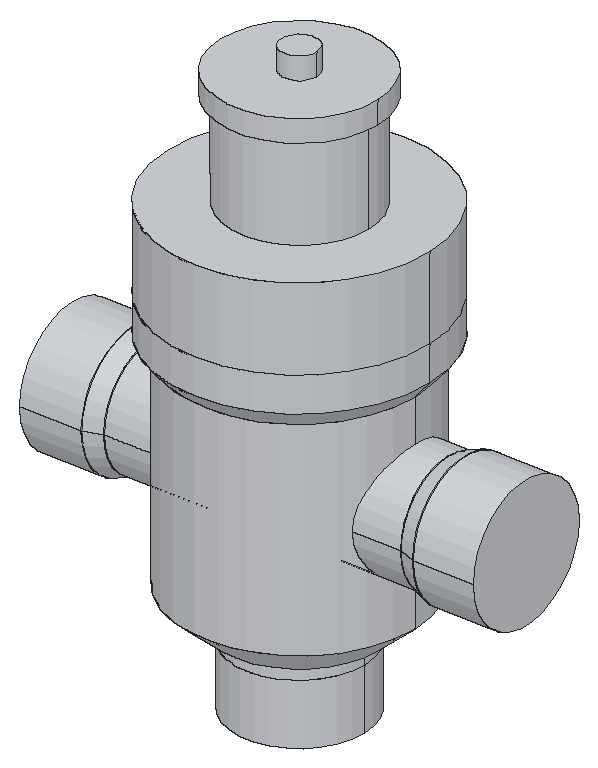
Revit family "VMX13P_DN15_PN16_RFA_2018", category Pipe Accessories, Revit 2018
Family settings
  Round Connector Dimension = Use Diameter
  Part Type = Valve - Breaks Into
  Work Plane-Based = No
  Always vertical = Yes
  Cut with Voids When Loaded = No
  Shared = No
Parameters (values of type "VMX13P G1/2  PN16 kvs1,6")
  magiProductId = ""
  magiProductFamilyId = ""
  magiPartTypeId = 320
  isMeasuringValve [instance] = no
  ang2D [instance] = 0.00°
  Z9 = 7 mm
  Z8 = 4 mm
  Z7__ve = -Z7  # -2.5 mm
  Z7 = 2.5 mm
  Z6 = 8.775 mm
  Z5 = 9.45 mm
  Z3 = 2 mm
  Z2 = 5 mm
  Z1 = 3.75 mm
  X4__ve = -X4  # -7 mm
  X4 = 7 mm
  X3 = 34 mm
  X1 = 5.2 mm
  W2D = 15 mm
  VersionID = ""
  Use Minimum Symbol Size [instance] = no
  URL = "www.hydronix.cz"
  Type Comments = "Závitový, vnější závit, ploché těsnění; LIN charakteristika; PN16; +5~+95°C; max.rychlost proudění 3,0 m/s"
  TL = 52 mm
  R9 = 9 mm
  R8 = 2 mm
  R7 = 15 mm
  R6 = 9 mm
  R5 = 10.214 mm
  R4 = 8.512 mm
  R3 = 7.5 mm
  R2 = 13.3 mm
  R10 = 8 mm
  R1 = 6.75 mm
  QmdConnectorList = "301;D;302;D;303;D"
  Productdata [instance] = ""
  Manufacturer = "Hydronix"
  MT = 1
  MC Product Code = "VMX13P (G1/2\"; dpmax=250kPa; kvs 1,6)"
  MC = yes
  LT2 = 19 mm
  L2D_Min = 30.48 mm
  L2D = 38 mm
  L = 38 mm
  H1 = 23.8 mm
  H = 27 mm
  E = 16 mm
  Description = "3 cestný regulační ventil malých spotřebičů, DN15; zdvih 2,5mm; max dp 250kPa; kvs1,6"
  DT2 = 7.5 mm
  D = 15 mm
  CS = no
  CAT0 = yes
  CAT = no
  C = 25 mm
  Assembly Code = ""
Types (8, lengths in mm): name | Z9 | Z6 | Z5 | Z2 | Z1 | X3 | X1 | W2D | TL | R6 | R5 | R4 | R3 | R2 | R1 | MC Product Code | LT2 | L2D | L | H1 | H | Description | DT2 | D | C
  VMX09P G1/2  PN16 kvs0,25 | 7 | 8.775 | 9.45 | 5 | 3.75 | 34 | 5.2 | 15 | 52 | 9 | 10.214 | 8.512 | 7.5 | 13.3 | 6.75 | "VMX09P (G1/2\"; dpmax=250kPa; kvs 0,25)" | 19 | 38 | 38 | 23.8 | 27 | "3 cestný regulační ventil malých spotřebičů, DN15; zdvih 2,5mm; max dp 250kPa; kvs0,25" | 7.5 | 15 | 25
  VMX10P G1/2  PN16 kvs0,4 | 7 | 8.775 | 9.45 | 5 | 3.75 | 34 | 5.2 | 15 | 52 | 9 | 10.214 | 8.512 | 7.5 | 13.3 | 6.75 | "VMX10P (G1/2\"; dpmax=250kPa; kvs 0,4)" | 19 | 38 | 38 | 23.8 | 27 | "3 cestný regulační ventil malých spotřebičů, DN15; zdvih 2,5mm; max dp 250kPa; kvs0,4" | 7.5 | 15 | 25
  VMX11P G1/2  PN16 kvs0,6 | 7 | 8.775 | 9.45 | 5 | 3.75 | 34 | 5.2 | 15 | 52 | 9 | 10.214 | 8.512 | 7.5 | 13.3 | 6.75 | "VMX11P (G1/2\"; dpmax=250kPa; kvs 0,6)" | 19 | 38 | 38 | 23.8 | 27 | "3 cestný regulační ventil malých spotřebičů, DN15; zdvih 2,5mm; max dp 250kPa; kvs0,6" | 7.5 | 15 | 25
  VMX12P G1/2  PN16 kvs1,0 | 7 | 8.775 | 9.45 | 5 | 3.75 | 34 | 5.2 | 15 | 52 | 9 | 10.214 | 8.512 | 7.5 | 13.3 | 6.75 | "VMX12P (G1/2\"; dpmax=250kPa; kvs 1,0)" | 19 | 38 | 38 | 23.8 | 27 | "3 cestný regulační ventil malých spotřebičů, DN15; zdvih 2,5mm; max dp 250kPa; kvs1,0" | 7.5 | 15 | 25
  VMX13P G1/2  PN16 kvs1,6 | 7 | 8.775 | 9.45 | 5 | 3.75 | 34 | 5.2 | 15 | 52 | 9 | 10.214 | 8.512 | 7.5 | 13.3 | 6.75 | "VMX13P (G1/2\"; dpmax=250kPa; kvs 1,6)" | 19 | 38 | 38 | 23.8 | 27 | "3 cestný regulační ventil malých spotřebičů, DN15; zdvih 2,5mm; max dp 250kPa; kvs1,6" | 7.5 | 15 | 25
  VMX21P G3/4  PN16 kvs2,5 | 8.8 | 8.45 | 9.1 | 6.8 | 5.1 | 38 | 5.6 | 20 | 56 | 12 | 11.29 | 9.408 | 10 | 14.7 | 9 | "VMX21P (G3/4\"; dpmax=150kPa; kvs 2,5)" | 21 | 42 | 42 | 29 | 26 | "3 cestný regulační ventil malých spotřebičů, DN20; zdvih 2,5mm; max dp 150kPa; kvs2,5" | 10 | 20 | 34
  VMX24P G3/4  PN16 kvs4,0 | 8.8 | 8.45 | 9.1 | 6.8 | 5.1 | 38 | 5.6 | 20 | 56 | 12 | 11.29 | 9.408 | 10 | 14.7 | 9 | "VMX24P (G3/4\";  dpmax A-AB=100kPa;  dpmax B-AB=40kPa;  kvs 4,0)" | 21 | 42 | 42 | 29 | 26 | "3 cestný regulační ventil malých spotřebičů, DN20; zdvih 2,5mm; max dp A-AB 100kPa; max dp B-AB 40kPa; kvs4,0" | 10 | 20 | 34
  VMX26P G3/4  PN16 kvs6,0 | 8.8 | 8.45 | 9.1 | 6.8 | 5.1 | 38 | 5.6 | 20 | 56 | 12 | 11.29 | 9.408 | 10 | 14.7 | 9 | "VMX26P (G3/4\";  dpmax A-AB=100kPa;  dpmax B-AB=40kPa;  kvs 6,0)" | 21 | 42 | 42 | 29 | 26 | "3 cestný regulační ventil malých spotřebičů, DN20; zdvih 2,5mm; max dp A-AB 100kPa; max dp B-AB 40kPa; kvs6,0" | 10 | 20 | 34
Reference planes
  plane 1 "Center (Front/Back)": y = 0
  plane 2 "XYPLANE": z = 0
  plane 3 "Center (Left/Right)": x = 0
  plane 4 "271": z = 38
  plane 5 "254": z = 11.55
  plane 6 "253": z = 17.55
  plane 7 "148": z = 40.5
  plane 8 "132": z = 43
  plane 9 "62": z = 13.55
  plane 10 "53": z = 27
  plane 11 "52": z = -12.25
  plane 12 "48": z = -16
  plane 13 "47": z = -18
  plane 14 "38": z = -23
  plane 15 "37": x = 17
  plane 16 "36": x = 19
  plane 17 "23": z = -25
  plane 18 "19": x = -17
  plane 19 "15": x = -19
  plane 20 "6": x = 26
  plane 21 "5": x = -26
  plane 22 "3": z = 0
  plane 23 "2": y = 0
  plane 24 "1": x = 0
Forms (mm)
  Extrusion 1, solid
    sketch origin (-750, 0, -25) x (1, 0, 0) y (0, 1, 0)
      loop
        circle (750, 0) r 7.5
    from 0 to 7 <- "Z9"
  Extrusion 2, solid, visible <- "CAT0"
    sketch origin (-750, 0, 43) x (1, 0, 0) y (0, 1, 0)
      loop
        circle (750, 0) r 2
    from 0 to -2.5 <- "Z7__ve"
  Extrusion 3, solid, visible <- "CAT0"
    sketch origin (-750, 0, 38) x (1, 0, 0) y (0, 1, 0)
      loop
        circle (750, 0) r 8
    from 0 to -19
  Extrusion 4, solid, visible <- "CAT0"
    sketch origin (-17, -750, 0) x (0, 1, 0) y (0, 0, 1)
      loop
        circle (750, 0) r 6.75
    from 0 to 34 <- "X3"
  Extrusion 5, solid
    sketch origin (-750, 0, 13.55) x (1, 0, 0) y (0, 1, 0)
      loop
        circle (750, 0) r 15
    from 0 to 4 <- "Z8"
  Extrusion 6, solid
    sketch origin (-750, 0, 40.5) x (1, 0, 0) y (0, 1, 0)
      loop
        circle (750, 0) r 9
    from 0 to -2.5 <- "Z7__ve"
  Extrusion 7, solid
    sketch origin (-750, 0, 17.55) x (1, 0, 0) y (0, 1, 0)
      loop
        circle (750, 0) r 15
    from 0 to 9.45 <- "Z5"
  Blend 8, solid
    base sketch origin (-750, 0, 11.55) x (1, 0, 0) y (0, 1, 0)
      loop
        circle (750, 0) r 13.3
    top sketch origin (-750, 0, 11.55) x (1, 0, 0) y (0, 1, 0)
      loop
        circle (750, 0) r 15
    from 0 to 2
  Blend 9, solid
    base sketch origin (-750, 0, -12.25) x (1, 0, 0) y (0, 1, 0)
      loop
        circle (750, 0) r 13.3
    top sketch origin (-750, 0, -12.25) x (1, 0, 0) y (0, 1, 0)
      loop
        circle (750, 0) r 9
    from 0 to -3.75
  Extrusion 10, solid
    sketch origin (-750, 0, -18) x (1, 0, 0) y (0, 1, 0)
      loop
        circle (750, 0) r 7.5
    from 0 to 2 <- "Z3"
  Extrusion 11, solid
    sketch origin (26, -750, 0) x (0, 1, 0) y (0, 0, 1)
      loop
        circle (750, 0) r 7.5
    from 0 to -7 <- "X4__ve"
  Blend 12, solid
    base sketch origin (19, -750, 0) x (0, 1, 0) y (0, 0, 1)
      loop
        circle (750, 0) r 7.5
    top sketch origin (19, -750, 0) x (0, 1, 0) y (0, 0, 1)
      loop
        circle (750, 0) r 6.75
    from 0 to -2
  Extrusion 13, solid
    sketch origin (-750, 0, -12.25) x (1, 0, 0) y (0, 1, 0)
      loop
        circle (750, 0) r 13.3
    from 0 to 23.8 <- "H1"
  Blend 14, solid
    base sketch origin (-19, -750, 0) x (0, 1, 0) y (0, 0, 1)
      loop
        circle (750, 0) r 7.5
    top sketch origin (-19, -750, 0) x (0, 1, 0) y (0, 0, 1)
      loop
        circle (750, 0) r 6.75
    from 0 to 2
  Extrusion 15, solid
    sketch origin (-26, -750, 0) x (0, 1, 0) y (0, 0, 1)
      loop
        circle (750, 0) r 7.5
    from 0 to 7 <- "X4"
  Extrusion 16, solid, not visible
    sketch origin (-750, 0, -18) x (1, 0, 0) y (0, 1, 0)
      loop
        circle (750, 0) r 10
    from 0 to 10
  Extrusion 17, solid, not visible
    sketch origin (19, -750, 0) x (0, 1, 0) y (0, 0, 1)
      loop
        circle (750, 0) r 10
    from 0 to -10
  Extrusion 18, solid, not visible
    sketch origin (-19, -750, 0) x (0, 1, 0) y (0, 0, 1)
      loop
        circle (750, 0) r 10
    from 0 to 10
Lines and regions (mm)
  reference lines, not visible
    curve 1: circle (2, 2, 0) r 1 normal (0, 0, 1)
Dimensions and locks
  plane 1 "Center (Front/Back)" to curve 1 = 2 mm
  "Z7": plane 7 "148" to plane 4 "271"
  "Z3": plane 9 "62" to plane 5 "254"
  "Z5": plane 10 "53" to plane 6 "253"
  "Z7": plane 8 "132" to plane 7 "148"
  "E": plane 10 "53" to plane 8 "132"
  "Z8": plane 6 "253" to plane 9 "62"
  "H": plane 2 "XYPLANE" to plane 10 "53"
  "Z1": plane 12 "48" to plane 11 "52"
  "Z3": plane 13 "47" to plane 12 "48"
  "Z2": plane 14 "38" to plane 13 "47"
  "Z3": plane 17 "23" to plane 14 "38"
  locked: plane 16 "36" to plane 15 "37" at 2
  "LT2": plane 3 "Center (Left/Right)" to plane 16 "36"
  "C": plane 2 "XYPLANE" to plane 17 "23"
  locked: plane 19 "15" to plane 18 "19" at 2
  "LT2": plane 3 "Center (Left/Right)" to plane 19 "15"
  "X4": plane 16 "36" to plane 20 "6"
  "X4": plane 19 "15" to plane 21 "5"
  locked: plane 2 "XYPLANE" to plane 22 "3"
  locked: plane 1 "Center (Front/Back)" to plane 23 "2"
  locked: plane 3 "Center (Left/Right)" to plane 24 "1"
  "DT2": radius of Extrusion 1 sketch curve
  "R8": radius of Extrusion 2 sketch curve
  "R10": radius of Extrusion 3 sketch curve
  "R1": radius of Extrusion 4 sketch curve
  "R7": radius of Extrusion 5 sketch curve
  "R9": radius of Extrusion 6 sketch curve
  "R7": radius of Extrusion 7 sketch curve
  "R7": radius of Blend 8 sketch curve
  "R2": radius of Blend 8 sketch curve
  "R6": radius of Blend 9 sketch curve
  "R2": radius of Blend 9 sketch curve
  "DT2": radius of Extrusion 10 sketch curve
  "DT2": radius of Extrusion 11 sketch curve
  "R1": radius of Blend 12 sketch curve
  "DT2": radius of Blend 12 sketch curve
  "R2": radius of Extrusion 13 sketch curve
  "R1": radius of Blend 14 sketch curve
  "DT2": radius of Blend 14 sketch curve
  "DT2": radius of Extrusion 15 sketch curve
  aligned and locked: level to plane 2 "XYPLANE"
  aligned and locked: plane 23 "2" to Extrusion 1 sketch curve
  aligned and locked: plane 24 "1" to Extrusion 1 sketch curve
  aligned and locked: plane 23 "2" to Extrusion 2 sketch curve
  aligned and locked: plane 24 "1" to Extrusion 2 sketch curve
  aligned and locked: plane 23 "2" to Extrusion 3 sketch curve
  aligned and locked: plane 24 "1" to Extrusion 3 sketch curve
  aligned and locked: plane 22 "3" to Extrusion 4 sketch curve
  aligned and locked: Extrusion 4 sketch curve to plane 23 "2"
  aligned and locked: plane 23 "2" to Extrusion 5 sketch curve
  aligned and locked: plane 24 "1" to Extrusion 5 sketch curve
  aligned and locked: plane 23 "2" to Extrusion 6 sketch curve
  aligned and locked: plane 24 "1" to Extrusion 6 sketch curve
  aligned and locked: plane 23 "2" to Extrusion 7 sketch curve
  aligned and locked: plane 24 "1" to Extrusion 7 sketch curve
  aligned and locked: plane 23 "2" to Blend 8 sketch curve  (x2)
  aligned and locked: plane 24 "1" to Blend 8 sketch curve  (x2)
  aligned and locked: plane 9 "62" to Blend 8
  aligned and locked: plane 23 "2" to Blend 9 sketch curve  (x2)
  aligned and locked: plane 24 "1" to Blend 9 sketch curve  (x2)
  aligned and locked: Blend 9 to plane 12 "48"
  aligned and locked: plane 23 "2" to Extrusion 10 sketch curve
  aligned and locked: plane 24 "1" to Extrusion 10 sketch curve
  aligned and locked: plane 22 "3" to Extrusion 11 sketch curve
  aligned and locked: Extrusion 11 sketch curve to plane 23 "2"
  aligned and locked: plane 22 "3" to Blend 12 sketch curve  (x2)
  aligned and locked: Blend 12 sketch curve to plane 23 "2"  (x2)
  aligned and locked: Blend 12 to plane 15 "37"
  aligned and locked: plane 23 "2" to Extrusion 13 sketch curve
  aligned and locked: plane 24 "1" to Extrusion 13 sketch curve
  aligned and locked: plane 22 "3" to Blend 14 sketch curve  (x2)
  aligned and locked: Blend 14 sketch curve to plane 23 "2"  (x2)
  aligned and locked: plane 18 "19" to Blend 14
  aligned and locked: plane 22 "3" to Extrusion 15 sketch curve
  aligned and locked: Extrusion 15 sketch curve to plane 23 "2"
  aligned and locked: plane 23 "2" to Extrusion 16 sketch curve
  aligned and locked: plane 24 "1" to Extrusion 16 sketch curve
  aligned and locked: plane 22 "3" to Extrusion 17 sketch curve
  aligned and locked: Extrusion 17 sketch curve to plane 23 "2"
  aligned and locked: plane 22 "3" to Extrusion 18 sketch curve
  aligned and locked: Extrusion 18 sketch curve to plane 23 "2"
Automatic sketch dimensions
  plane 1 "Center (Front/Back)" to Extrusion 16 sketch curve = 10 mm
  plane 1 "Center (Front/Back)" to Extrusion 17 sketch curve = 10 mm
  plane 1 "Center (Front/Back)" to Extrusion 18 sketch curve = 10 mm
  plane 3 "Center (Left/Right)" to curve 1 = 2 mm
  radius of curve 1 = 1 mm
Connectors
  piping at (-19, 0, 0), diameter 15, driven by "D"
    settings: on Extrusion 18, index 1, connector inside diameter 609.6 mm, connector length 0 mm, flow factor 0, pipe flow 0.0 L/s, pressure drop 0.0 Pa, fitting loss kfactor 0, connector angle 0.00°, fixture units 0, engagement length 0 mm, angle of deflection 0.00°, flow configuration 0, flow direction 0, fitting loss method 0, system type 29, joint type 0, gender type 0, connector reference index -1, connector utility 0, adjustable connector yes, is connector primary yes, connector description ""
  piping at (19, 0, 0), diameter 15, driven by "D"
    settings: on Extrusion 17, index 2, connector inside diameter 609.6 mm, connector length 0 mm, flow factor 0, pipe flow 0.0 L/s, pressure drop 0.0 Pa, fitting loss kfactor 0, connector angle 0.00°, fixture units 0, engagement length 0 mm, angle of deflection 0.00°, flow configuration 0, flow direction 0, fitting loss method 0, system type 29, joint type 0, gender type 0, connector reference index -1, connector utility 0, adjustable connector yes, is connector primary no, connector description ""
  piping at (0, 0, -18), diameter 15, driven by "D"
    settings: on Extrusion 16, index 3, connector inside diameter 609.6 mm, connector length 0 mm, flow factor 0, pipe flow 0.0 L/s, pressure drop 0.0 Pa, fitting loss kfactor 0, connector angle 0.00°, fixture units 0, engagement length 0 mm, angle of deflection 0.00°, flow configuration 0, flow direction 0, fitting loss method 0, system type 29, joint type 0, gender type 0, connector reference index -1, connector utility 0, adjustable connector yes, is connector primary no, connector description ""
